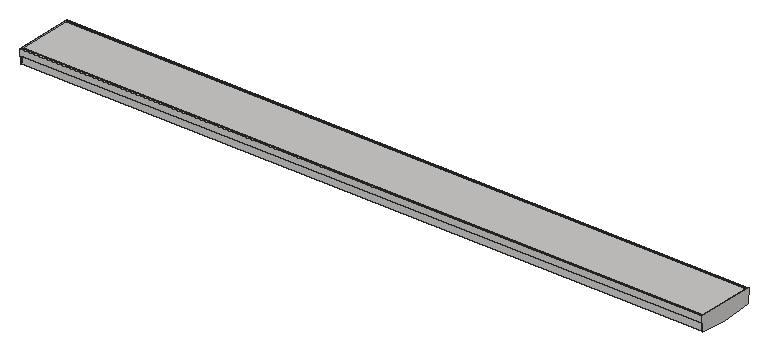
Revit family "PF_ST_BalconyDrain_ACO_2022", category Plumbing Fixtures, Revit 2022
Family settings
  Round Connector Dimension = Use Diameter
  Part Type = Normal
  OmniClass Number = 23.70.50.24
  OmniClass Title = Rainwater Removal
  Work Plane-Based = Yes
  Always vertical = No
  Cut with Voids When Loaded = Yes
  Maintain Annotation Orientation = No
  Shared = No
  Room Calculation Point = No
Parameters (values of type "BalconyDrain - 85 x 25 mm")
  width_01_C_ANZRS = if(type_index = 1, 85 mm, 103 mm)  # 85 mm
  r1 [instance] = diameter_calculated / 2  # 25.4 mm
  outlet_number [instance] = 2
  min_end_dist [instance] = length_01_C_ANZRS - diameter_calculated  # 949.2 mm
  width_C_ANZRS = if(type_index = 1, 85 mm, 103 mm)  # 85 mm
  type_index = 1
  grating_length [instance] = channel_length - 1.5 mm  # 998.5 mm
  drain_position_calculated_9 [instance] = if(or(outlet_number = 9, outlet_number > 9), (if(or(drain_position_9 < 0 mm, drain_position_9 = 0 mm), (drain_position_calculated_8 + (1.5 * diameter_calculated)), if(and(drain_position_9 > 0 mm, drain_position_9 < (drain_position_calculated_8 + (1.5 * diameter_calculated)) + 0.1 mm), (drain_position_calculated_8 + (1.5 * diameter_calculated)), if(and(drain_position_9 > (drain_position_calculated_8 + (1.5 * diameter_calculated)), drain_position_9 < min_end_dist + 0.1 mm), drain_position_9, if(and(drain_position_9 > (drain_position_calculated_8 + (1.5 * diameter_calculated)), drain_position_9 < length_01_C_ANZRS), min_end_dist, (if(or(drain_position_9 > length_01_C_ANZRS, drain_position_9 = length_01_C_ANZRS), min_end_dist, drain_position_9 - diameter_calculated))))))), length_01_C_ANZRS + 100 mm)  # 1100 mm
  drain_position_calculated_8 [instance] = if(or(outlet_number = 8, outlet_number > 8), (if(or(drain_position_8 < 0 mm, drain_position_8 = 0 mm), (drain_position_calculated_7 + (1.5 * diameter_calculated)), if(and(drain_position_8 > 0 mm, drain_position_8 < (drain_position_calculated_7 + (1.5 * diameter_calculated)) + 0.1 mm), (drain_position_calculated_7 + (1.5 * diameter_calculated)), if(and(drain_position_8 > (drain_position_calculated_7 + (1.5 * diameter_calculated)), drain_position_8 < min_end_dist + 0.1 mm), drain_position_8, if(and(drain_position_8 > (drain_position_calculated_7 + (1.5 * diameter_calculated)), drain_position_8 < length_01_C_ANZRS), min_end_dist, (if(or(drain_position_8 > length_01_C_ANZRS, drain_position_8 = length_01_C_ANZRS), min_end_dist, drain_position_8 - diameter_calculated))))))), length_01_C_ANZRS + 100 mm)  # 1100 mm
  drain_position_calculated_7 [instance] = if(or(outlet_number = 7, outlet_number > 7), (if(or(drain_position_7 < 0 mm, drain_position_7 = 0 mm), (drain_position_calculated_6 + (1.5 * diameter_calculated)), if(and(drain_position_7 > 0 mm, drain_position_7 < (drain_position_calculated_6 + (1.5 * diameter_calculated)) + 0.1 mm), (drain_position_calculated_6 + (1.5 * diameter_calculated)), if(and(drain_position_7 > (drain_position_calculated_6 + (1.5 * diameter_calculated)), drain_position_7 < min_end_dist + 0.1 mm), drain_position_7, if(and(drain_position_7 > (drain_position_calculated_6 + (1.5 * diameter_calculated)), drain_position_7 < length_01_C_ANZRS), min_end_dist, (if(or(drain_position_7 > length_01_C_ANZRS, drain_position_7 = length_01_C_ANZRS), min_end_dist, drain_position_7 - diameter_calculated))))))), length_01_C_ANZRS + 100 mm)  # 1100 mm
  drain_position_calculated_6 [instance] = if(or(outlet_number = 6, outlet_number > 6), (if(or(drain_position_6 < 0 mm, drain_position_6 = 0 mm), (drain_position_calculated_5 + (1.5 * diameter_calculated)), if(and(drain_position_6 > 0 mm, drain_position_6 < (drain_position_calculated_5 + (1.5 * diameter_calculated)) + 0.1 mm), (drain_position_calculated_5 + (1.5 * diameter_calculated)), if(and(drain_position_6 > (drain_position_calculated_5 + (1.5 * diameter_calculated)), drain_position_6 < min_end_dist + 0.1 mm), drain_position_6, if(and(drain_position_6 > (drain_position_calculated_5 + (1.5 * diameter_calculated)), drain_position_6 < length_01_C_ANZRS), min_end_dist, (if(or(drain_position_6 > length_01_C_ANZRS, drain_position_6 = length_01_C_ANZRS), min_end_dist, drain_position_6 - diameter_calculated))))))), length_01_C_ANZRS + 100 mm)  # 1100 mm
  drain_position_calculated_5 [instance] = if(or(outlet_number = 5, outlet_number > 5), (if(or(drain_position_5 < 0 mm, drain_position_5 = 0 mm), (drain_position_calculated_4 + (1.5 * diameter_calculated)), if(and(drain_position_5 > 0 mm, drain_position_5 < (drain_position_calculated_4 + (1.5 * diameter_calculated)) + 0.1 mm), (drain_position_calculated_4 + (1.5 * diameter_calculated)), if(and(drain_position_5 > (drain_position_calculated_4 + (1.5 * diameter_calculated)), drain_position_5 < min_end_dist + 0.1 mm), drain_position_5, if(and(drain_position_5 > (drain_position_calculated_4 + (1.5 * diameter_calculated)), drain_position_5 < length_01_C_ANZRS), min_end_dist, (if(or(drain_position_5 > length_01_C_ANZRS, drain_position_5 = length_01_C_ANZRS), min_end_dist, drain_position_5 - diameter_calculated))))))), length_01_C_ANZRS + 100 mm)  # 1100 mm
  drain_position_calculated_4 [instance] = if(or(outlet_number = 4, outlet_number > 4), (if(or(drain_position_4 < 0 mm, drain_position_4 = 0 mm), (drain_position_calculated_3 + (1.5 * diameter_calculated)), if(and(drain_position_4 > 0 mm, drain_position_4 < (drain_position_calculated_3 + (1.5 * diameter_calculated)) + 0.1 mm), (drain_position_calculated_3 + (1.5 * diameter_calculated)), if(and(drain_position_4 > (drain_position_calculated_3 + (1.5 * diameter_calculated)), drain_position_4 < min_end_dist + 0.1 mm), drain_position_4, if(and(drain_position_4 > (drain_position_calculated_3 + (1.5 * diameter_calculated)), drain_position_4 < length_01_C_ANZRS), min_end_dist, (if(or(drain_position_4 > length_01_C_ANZRS, drain_position_4 = length_01_C_ANZRS), min_end_dist, drain_position_4 - diameter_calculated))))))), length_01_C_ANZRS + 100 mm)  # 1100 mm
  drain_position_calculated_30 [instance] = if(or(outlet_number = 30, outlet_number > 30), (if(or(drain_position_30 < 0 mm, drain_position_30 = 0 mm), (drain_position_calculated_29 + (1.5 * diameter_calculated)), if(and(drain_position_30 > 0 mm, drain_position_30 < (drain_position_calculated_29 + (1.5 * diameter_calculated)) + 0.1 mm), (drain_position_calculated_29 + (1.5 * diameter_calculated)), if(and(drain_position_30 > (drain_position_calculated_29 + (1.5 * diameter_calculated)), drain_position_30 < min_end_dist + 0.1 mm), drain_position_30, if(and(drain_position_30 > (drain_position_calculated_29 + (1.5 * diameter_calculated)), drain_position_30 < length_01_C_ANZRS), min_end_dist, (if(or(drain_position_30 > length_01_C_ANZRS, drain_position_30 = length_01_C_ANZRS), min_end_dist, drain_position_30 - diameter_calculated))))))), length_01_C_ANZRS + 100 mm)  # 1100 mm
  drain_position_calculated_3 [instance] = if(or(outlet_number = 3, outlet_number > 3), (if(or(drain_position_3 < 0 mm, drain_position_3 = 0 mm), (drain_position_calculated_2 + (1.5 * diameter_calculated)), if(and(drain_position_3 > 0 mm, drain_position_3 < (drain_position_calculated_2 + (1.5 * diameter_calculated)) + 0.1 mm), (drain_position_calculated_2 + (1.5 * diameter_calculated)), if(and(drain_position_3 > (drain_position_calculated_2 + (1.5 * diameter_calculated)), drain_position_3 < min_end_dist + 0.1 mm), drain_position_3, if(and(drain_position_3 > (drain_position_calculated_2 + (1.5 * diameter_calculated)), drain_position_3 < length_01_C_ANZRS), min_end_dist, (if(or(drain_position_3 > length_01_C_ANZRS, drain_position_3 = length_01_C_ANZRS), min_end_dist, drain_position_3 - diameter_calculated))))))), length_01_C_ANZRS + 100 mm)  # 1100 mm
  drain_position_calculated_29 [instance] = if(or(outlet_number = 29, outlet_number > 29), (if(or(drain_position_29 < 0 mm, drain_position_29 = 0 mm), (drain_position_calculated_28 + (1.5 * diameter_calculated)), if(and(drain_position_29 > 0 mm, drain_position_29 < (drain_position_calculated_28 + (1.5 * diameter_calculated)) + 0.1 mm), (drain_position_calculated_28 + (1.5 * diameter_calculated)), if(and(drain_position_29 > (drain_position_calculated_28 + (1.5 * diameter_calculated)), drain_position_29 < min_end_dist + 0.1 mm), drain_position_29, if(and(drain_position_29 > (drain_position_calculated_28 + (1.5 * diameter_calculated)), drain_position_29 < length_01_C_ANZRS), min_end_dist, (if(or(drain_position_29 > length_01_C_ANZRS, drain_position_29 = length_01_C_ANZRS), min_end_dist, drain_position_29 - diameter_calculated))))))), length_01_C_ANZRS + 100 mm)  # 1100 mm
  drain_position_calculated_28 [instance] = if(or(outlet_number = 28, outlet_number > 28), (if(or(drain_position_28 < 0 mm, drain_position_28 = 0 mm), (drain_position_calculated_27 + (1.5 * diameter_calculated)), if(and(drain_position_28 > 0 mm, drain_position_28 < (drain_position_calculated_27 + (1.5 * diameter_calculated)) + 0.1 mm), (drain_position_calculated_27 + (1.5 * diameter_calculated)), if(and(drain_position_28 > (drain_position_calculated_27 + (1.5 * diameter_calculated)), drain_position_28 < min_end_dist + 0.1 mm), drain_position_28, if(and(drain_position_28 > (drain_position_calculated_27 + (1.5 * diameter_calculated)), drain_position_28 < length_01_C_ANZRS), min_end_dist, (if(or(drain_position_28 > length_01_C_ANZRS, drain_position_28 = length_01_C_ANZRS), min_end_dist, drain_position_28 - diameter_calculated))))))), length_01_C_ANZRS + 100 mm)  # 1100 mm
  drain_position_calculated_27 [instance] = if(or(outlet_number = 27, outlet_number > 27), (if(or(drain_position_27 < 0 mm, drain_position_27 = 0 mm), (drain_position_calculated_26 + (1.5 * diameter_calculated)), if(and(drain_position_27 > 0 mm, drain_position_27 < (drain_position_calculated_26 + (1.5 * diameter_calculated)) + 0.1 mm), (drain_position_calculated_26 + (1.5 * diameter_calculated)), if(and(drain_position_27 > (drain_position_calculated_26 + (1.5 * diameter_calculated)), drain_position_27 < min_end_dist + 0.1 mm), drain_position_27, if(and(drain_position_27 > (drain_position_calculated_26 + (1.5 * diameter_calculated)), drain_position_27 < length_01_C_ANZRS), min_end_dist, (if(or(drain_position_27 > length_01_C_ANZRS, drain_position_27 = length_01_C_ANZRS), min_end_dist, drain_position_27 - diameter_calculated))))))), length_01_C_ANZRS + 100 mm)  # 1100 mm
  drain_position_calculated_26 [instance] = if(or(outlet_number = 26, outlet_number > 26), (if(or(drain_position_26 < 0 mm, drain_position_26 = 0 mm), (drain_position_calculated_25 + (1.5 * diameter_calculated)), if(and(drain_position_26 > 0 mm, drain_position_26 < (drain_position_calculated_25 + (1.5 * diameter_calculated)) + 0.1 mm), (drain_position_calculated_25 + (1.5 * diameter_calculated)), if(and(drain_position_26 > (drain_position_calculated_25 + (1.5 * diameter_calculated)), drain_position_26 < min_end_dist + 0.1 mm), drain_position_26, if(and(drain_position_26 > (drain_position_calculated_25 + (1.5 * diameter_calculated)), drain_position_26 < length_01_C_ANZRS), min_end_dist, (if(or(drain_position_26 > length_01_C_ANZRS, drain_position_26 = length_01_C_ANZRS), min_end_dist, drain_position_26 - diameter_calculated))))))), length_01_C_ANZRS + 100 mm)  # 1100 mm
  drain_position_calculated_25 [instance] = if(or(outlet_number = 25, outlet_number > 25), (if(or(drain_position_25 < 0 mm, drain_position_25 = 0 mm), (drain_position_calculated_24 + (1.5 * diameter_calculated)), if(and(drain_position_25 > 0 mm, drain_position_25 < (drain_position_calculated_24 + (1.5 * diameter_calculated)) + 0.1 mm), (drain_position_calculated_24 + (1.5 * diameter_calculated)), if(and(drain_position_25 > (drain_position_calculated_24 + (1.5 * diameter_calculated)), drain_position_25 < min_end_dist + 0.1 mm), drain_position_25, if(and(drain_position_25 > (drain_position_calculated_24 + (1.5 * diameter_calculated)), drain_position_25 < length_01_C_ANZRS), min_end_dist, (if(or(drain_position_25 > length_01_C_ANZRS, drain_position_25 = length_01_C_ANZRS), min_end_dist, drain_position_25 - diameter_calculated))))))), length_01_C_ANZRS + 100 mm)  # 1100 mm
  drain_position_calculated_24 [instance] = if(or(outlet_number = 24, outlet_number > 24), (if(or(drain_position_24 < 0 mm, drain_position_24 = 0 mm), (drain_position_calculated_23 + (1.5 * diameter_calculated)), if(and(drain_position_24 > 0 mm, drain_position_24 < (drain_position_calculated_23 + (1.5 * diameter_calculated)) + 0.1 mm), (drain_position_calculated_23 + (1.5 * diameter_calculated)), if(and(drain_position_24 > (drain_position_calculated_23 + (1.5 * diameter_calculated)), drain_position_24 < min_end_dist + 0.1 mm), drain_position_24, if(and(drain_position_24 > (drain_position_calculated_23 + (1.5 * diameter_calculated)), drain_position_24 < length_01_C_ANZRS), min_end_dist, (if(or(drain_position_24 > length_01_C_ANZRS, drain_position_24 = length_01_C_ANZRS), min_end_dist, drain_position_24 - diameter_calculated))))))), length_01_C_ANZRS + 100 mm)  # 1100 mm
  drain_position_calculated_23 [instance] = if(or(outlet_number = 23, outlet_number > 23), (if(or(drain_position_23 < 0 mm, drain_position_23 = 0 mm), (drain_position_calculated_22 + (1.5 * diameter_calculated)), if(and(drain_position_23 > 0 mm, drain_position_23 < (drain_position_calculated_22 + (1.5 * diameter_calculated)) + 0.1 mm), (drain_position_calculated_22 + (1.5 * diameter_calculated)), if(and(drain_position_23 > (drain_position_calculated_22 + (1.5 * diameter_calculated)), drain_position_23 < min_end_dist + 0.1 mm), drain_position_23, if(and(drain_position_23 > (drain_position_calculated_22 + (1.5 * diameter_calculated)), drain_position_23 < length_01_C_ANZRS), min_end_dist, (if(or(drain_position_23 > length_01_C_ANZRS, drain_position_23 = length_01_C_ANZRS), min_end_dist, drain_position_23 - diameter_calculated))))))), length_01_C_ANZRS + 100 mm)  # 1100 mm
  drain_position_calculated_22 [instance] = if(or(outlet_number = 22, outlet_number > 22), (if(or(drain_position_22 < 0 mm, drain_position_22 = 0 mm), (drain_position_calculated_21 + (1.5 * diameter_calculated)), if(and(drain_position_22 > 0 mm, drain_position_22 < (drain_position_calculated_21 + (1.5 * diameter_calculated)) + 0.1 mm), (drain_position_calculated_21 + (1.5 * diameter_calculated)), if(and(drain_position_22 > (drain_position_calculated_21 + (1.5 * diameter_calculated)), drain_position_22 < min_end_dist + 0.1 mm), drain_position_22, if(and(drain_position_22 > (drain_position_calculated_21 + (1.5 * diameter_calculated)), drain_position_22 < length_01_C_ANZRS), min_end_dist, (if(or(drain_position_22 > length_01_C_ANZRS, drain_position_22 = length_01_C_ANZRS), min_end_dist, drain_position_22 - diameter_calculated))))))), length_01_C_ANZRS + 100 mm)  # 1100 mm
  drain_position_calculated_21 [instance] = if(or(outlet_number = 21, outlet_number > 21), (if(or(drain_position_21 < 0 mm, drain_position_21 = 0 mm), (drain_position_calculated_20 + (1.5 * diameter_calculated)), if(and(drain_position_21 > 0 mm, drain_position_21 < (drain_position_calculated_20 + (1.5 * diameter_calculated)) + 0.1 mm), (drain_position_calculated_20 + (1.5 * diameter_calculated)), if(and(drain_position_21 > (drain_position_calculated_20 + (1.5 * diameter_calculated)), drain_position_21 < min_end_dist + 0.1 mm), drain_position_21, if(and(drain_position_21 > (drain_position_calculated_20 + (1.5 * diameter_calculated)), drain_position_21 < length_01_C_ANZRS), min_end_dist, (if(or(drain_position_21 > length_01_C_ANZRS, drain_position_21 = length_01_C_ANZRS), min_end_dist, drain_position_21 - diameter_calculated))))))), length_01_C_ANZRS + 100 mm)  # 1100 mm
  drain_position_calculated_20 [instance] = if(or(outlet_number = 20, outlet_number > 20), (if(or(drain_position_20 < 0 mm, drain_position_20 = 0 mm), (drain_position_calculated_19 + (1.5 * diameter_calculated)), if(and(drain_position_20 > 0 mm, drain_position_20 < (drain_position_calculated_19 + (1.5 * diameter_calculated)) + 0.1 mm), (drain_position_calculated_19 + (1.5 * diameter_calculated)), if(and(drain_position_20 > (drain_position_calculated_19 + (1.5 * diameter_calculated)), drain_position_20 < min_end_dist + 0.1 mm), drain_position_20, if(and(drain_position_20 > (drain_position_calculated_19 + (1.5 * diameter_calculated)), drain_position_20 < length_01_C_ANZRS), min_end_dist, (if(or(drain_position_20 > length_01_C_ANZRS, drain_position_20 = length_01_C_ANZRS), min_end_dist, drain_position_20 - diameter_calculated))))))), length_01_C_ANZRS + 100 mm)  # 1100 mm
  drain_position_calculated_2 [instance] = if(or(outlet_number = 2, outlet_number > 2), (if(or(drain_position_2 < 0 mm, drain_position_2 = 0 mm), (drain_position_calculated_1 + (1.5 * diameter_calculated)), if(and(drain_position_2 > 0 mm, drain_position_2 < (drain_position_calculated_1 + (1.5 * diameter_calculated)) + 0.1 mm), (drain_position_calculated_1 + (1.5 * diameter_calculated)), if(and(drain_position_2 > (drain_position_calculated_1 + (1.5 * diameter_calculated)), drain_position_2 < min_end_dist + 0.1 mm), drain_position_2, if(and(drain_position_2 > (drain_position_calculated_1 + (1.5 * diameter_calculated)), drain_position_2 < length_01_C_ANZRS), min_end_dist, (if(or(drain_position_2 > length_01_C_ANZRS, drain_position_2 = length_01_C_ANZRS), min_end_dist, drain_position_2 - diameter_calculated))))))), length_01_C_ANZRS + 100 mm)  # 200 mm
  drain_position_calculated_19 [instance] = if(or(outlet_number = 19, outlet_number > 19), (if(or(drain_position_19 < 0 mm, drain_position_19 = 0 mm), (drain_position_calculated_18 + (1.5 * diameter_calculated)), if(and(drain_position_19 > 0 mm, drain_position_19 < (drain_position_calculated_18 + (1.5 * diameter_calculated)) + 0.1 mm), (drain_position_calculated_18 + (1.5 * diameter_calculated)), if(and(drain_position_19 > (drain_position_calculated_18 + (1.5 * diameter_calculated)), drain_position_19 < min_end_dist + 0.1 mm), drain_position_19, if(and(drain_position_19 > (drain_position_calculated_18 + (1.5 * diameter_calculated)), drain_position_19 < length_01_C_ANZRS), min_end_dist, (if(or(drain_position_19 > length_01_C_ANZRS, drain_position_19 = length_01_C_ANZRS), min_end_dist, drain_position_19 - diameter_calculated))))))), length_01_C_ANZRS + 100 mm)  # 1100 mm
  drain_position_calculated_18 [instance] = if(or(outlet_number = 18, outlet_number > 18), (if(or(drain_position_18 < 0 mm, drain_position_18 = 0 mm), (drain_position_calculated_17 + (1.5 * diameter_calculated)), if(and(drain_position_18 > 0 mm, drain_position_18 < (drain_position_calculated_17 + (1.5 * diameter_calculated)) + 0.1 mm), (drain_position_calculated_17 + (1.5 * diameter_calculated)), if(and(drain_position_18 > (drain_position_calculated_17 + (1.5 * diameter_calculated)), drain_position_18 < min_end_dist + 0.1 mm), drain_position_18, if(and(drain_position_18 > (drain_position_calculated_17 + (1.5 * diameter_calculated)), drain_position_18 < length_01_C_ANZRS), min_end_dist, (if(or(drain_position_18 > length_01_C_ANZRS, drain_position_18 = length_01_C_ANZRS), min_end_dist, drain_position_18 - diameter_calculated))))))), length_01_C_ANZRS + 100 mm)  # 1100 mm
  drain_position_calculated_17 [instance] = if(or(outlet_number = 17, outlet_number > 17), (if(or(drain_position_17 < 0 mm, drain_position_17 = 0 mm), (drain_position_calculated_16 + (1.5 * diameter_calculated)), if(and(drain_position_17 > 0 mm, drain_position_17 < (drain_position_calculated_16 + (1.5 * diameter_calculated)) + 0.1 mm), (drain_position_calculated_16 + (1.5 * diameter_calculated)), if(and(drain_position_17 > (drain_position_calculated_16 + (1.5 * diameter_calculated)), drain_position_17 < min_end_dist + 0.1 mm), drain_position_17, if(and(drain_position_17 > (drain_position_calculated_16 + (1.5 * diameter_calculated)), drain_position_17 < length_01_C_ANZRS), min_end_dist, (if(or(drain_position_17 > length_01_C_ANZRS, drain_position_17 = length_01_C_ANZRS), min_end_dist, drain_position_17 - diameter_calculated))))))), length_01_C_ANZRS + 100 mm)  # 1100 mm
  drain_position_calculated_16 [instance] = if(or(outlet_number = 16, outlet_number > 16), (if(or(drain_position_16 < 0 mm, drain_position_16 = 0 mm), (drain_position_calculated_15 + (1.5 * diameter_calculated)), if(and(drain_position_16 > 0 mm, drain_position_16 < (drain_position_calculated_15 + (1.5 * diameter_calculated)) + 0.1 mm), (drain_position_calculated_15 + (1.5 * diameter_calculated)), if(and(drain_position_16 > (drain_position_calculated_15 + (1.5 * diameter_calculated)), drain_position_16 < min_end_dist + 0.1 mm), drain_position_16, if(and(drain_position_16 > (drain_position_calculated_15 + (1.5 * diameter_calculated)), drain_position_16 < length_01_C_ANZRS), min_end_dist, (if(or(drain_position_16 > length_01_C_ANZRS, drain_position_16 = length_01_C_ANZRS), min_end_dist, drain_position_16 - diameter_calculated))))))), length_01_C_ANZRS + 100 mm)  # 1100 mm
  drain_position_calculated_15 [instance] = if(or(outlet_number = 15, outlet_number > 15), (if(or(drain_position_15 < 0 mm, drain_position_15 = 0 mm), (drain_position_calculated_14 + (1.5 * diameter_calculated)), if(and(drain_position_15 > 0 mm, drain_position_15 < (drain_position_calculated_14 + (1.5 * diameter_calculated)) + 0.1 mm), (drain_position_calculated_14 + (1.5 * diameter_calculated)), if(and(drain_position_15 > (drain_position_calculated_14 + (1.5 * diameter_calculated)), drain_position_15 < min_end_dist + 0.1 mm), drain_position_15, if(and(drain_position_15 > (drain_position_calculated_14 + (1.5 * diameter_calculated)), drain_position_15 < length_01_C_ANZRS), min_end_dist, (if(or(drain_position_15 > length_01_C_ANZRS, drain_position_15 = length_01_C_ANZRS), min_end_dist, drain_position_15 - diameter_calculated))))))), length_01_C_ANZRS + 100 mm)  # 1100 mm
  drain_position_calculated_14 [instance] = if(or(outlet_number = 14, outlet_number > 14), (if(or(drain_position_14 < 0 mm, drain_position_14 = 0 mm), (drain_position_calculated_13 + (1.5 * diameter_calculated)), if(and(drain_position_14 > 0 mm, drain_position_14 < (drain_position_calculated_13 + (1.5 * diameter_calculated)) + 0.1 mm), (drain_position_calculated_13 + (1.5 * diameter_calculated)), if(and(drain_position_14 > (drain_position_calculated_13 + (1.5 * diameter_calculated)), drain_position_14 < min_end_dist + 0.1 mm), drain_position_14, if(and(drain_position_14 > (drain_position_calculated_13 + (1.5 * diameter_calculated)), drain_position_14 < length_01_C_ANZRS), min_end_dist, (if(or(drain_position_14 > length_01_C_ANZRS, drain_position_14 = length_01_C_ANZRS), min_end_dist, drain_position_14 - diameter_calculated))))))), length_01_C_ANZRS + 100 mm)  # 1100 mm
  drain_position_calculated_13 [instance] = if(or(outlet_number = 13, outlet_number > 13), (if(or(drain_position_13 < 0 mm, drain_position_13 = 0 mm), (drain_position_calculated_12 + (1.5 * diameter_calculated)), if(and(drain_position_13 > 0 mm, drain_position_13 < (drain_position_calculated_12 + (1.5 * diameter_calculated)) + 0.1 mm), (drain_position_calculated_12 + (1.5 * diameter_calculated)), if(and(drain_position_13 > (drain_position_calculated_12 + (1.5 * diameter_calculated)), drain_position_13 < min_end_dist + 0.1 mm), drain_position_13, if(and(drain_position_13 > (drain_position_calculated_12 + (1.5 * diameter_calculated)), drain_position_13 < length_01_C_ANZRS), min_end_dist, (if(or(drain_position_13 > length_01_C_ANZRS, drain_position_13 = length_01_C_ANZRS), min_end_dist, drain_position_13 - diameter_calculated))))))), length_01_C_ANZRS + 100 mm)  # 1100 mm
  drain_position_calculated_12 [instance] = if(or(outlet_number = 12, outlet_number > 12), (if(or(drain_position_12 < 0 mm, drain_position_12 = 0 mm), (drain_position_calculated_11 + (1.5 * diameter_calculated)), if(and(drain_position_12 > 0 mm, drain_position_12 < (drain_position_calculated_11 + (1.5 * diameter_calculated)) + 0.1 mm), (drain_position_calculated_11 + (1.5 * diameter_calculated)), if(and(drain_position_12 > (drain_position_calculated_11 + (1.5 * diameter_calculated)), drain_position_12 < min_end_dist + 0.1 mm), drain_position_12, if(and(drain_position_12 > (drain_position_calculated_11 + (1.5 * diameter_calculated)), drain_position_12 < length_01_C_ANZRS), min_end_dist, (if(or(drain_position_12 > length_01_C_ANZRS, drain_position_12 = length_01_C_ANZRS), min_end_dist, drain_position_12 - diameter_calculated))))))), length_01_C_ANZRS + 100 mm)  # 1100 mm
  drain_position_calculated_11 [instance] = if(or(outlet_number = 11, outlet_number > 11), (if(or(drain_position_11 < 0 mm, drain_position_11 = 0 mm), (drain_position_calculated_10 + (1.5 * diameter_calculated)), if(and(drain_position_11 > 0 mm, drain_position_11 < (drain_position_calculated_10 + (1.5 * diameter_calculated)) + 0.1 mm), (drain_position_calculated_10 + (1.5 * diameter_calculated)), if(and(drain_position_11 > (drain_position_calculated_10 + (1.5 * diameter_calculated)), drain_position_11 < min_end_dist + 0.1 mm), drain_position_11, if(and(drain_position_11 > (drain_position_calculated_10 + (1.5 * diameter_calculated)), drain_position_11 < length_01_C_ANZRS), min_end_dist, (if(or(drain_position_11 > length_01_C_ANZRS, drain_position_11 = length_01_C_ANZRS), min_end_dist, drain_position_11 - diameter_calculated))))))), length_01_C_ANZRS + 100 mm)  # 1100 mm
  drain_position_calculated_10 [instance] = if(or(outlet_number = 10, outlet_number > 10), (if(or(drain_position_10 < 0 mm, drain_position_10 = 0 mm), (drain_position_calculated_9 + (1.5 * diameter_calculated)), if(and(drain_position_10 > 0 mm, drain_position_10 < (drain_position_calculated_9 + (1.5 * diameter_calculated)) + 0.1 mm), (drain_position_calculated_9 + (1.5 * diameter_calculated)), if(and(drain_position_10 > (drain_position_calculated_9 + (1.5 * diameter_calculated)), drain_position_10 < min_end_dist + 0.1 mm), drain_position_10, if(and(drain_position_10 > (drain_position_calculated_9 + (1.5 * diameter_calculated)), drain_position_10 < length_01_C_ANZRS), min_end_dist, (if(or(drain_position_10 > length_01_C_ANZRS, drain_position_10 = length_01_C_ANZRS), min_end_dist, drain_position_10 - diameter_calculated))))))), length_01_C_ANZRS + 100 mm)  # 1100 mm
  drain_position_9 [instance] = 1600 mm
  drain_position_8 [instance] = 1400 mm
  drain_position_7 [instance] = 1200 mm
  drain_position_6 [instance] = 1000 mm
  drain_position_5 [instance] = 800 mm
  drain_position_4 [instance] = 600 mm
  drain_position_30 [instance] = 5800 mm
  drain_position_3 [instance] = 400 mm
  drain_position_29 [instance] = 5600 mm
  drain_position_28 [instance] = 5400 mm
  drain_position_27 [instance] = 5200 mm
  drain_position_26 [instance] = 5000 mm
  drain_position_25 [instance] = 4800 mm
  drain_position_24 [instance] = 4600 mm
  drain_position_23 [instance] = 4400 mm
  drain_position_22 [instance] = 4200 mm
  drain_position_21 [instance] = 4000 mm
  drain_position_20 [instance] = 3800 mm
  drain_position_2 [instance] = 200 mm
  drain_position_19 [instance] = 3600 mm
  drain_position_18 [instance] = 3400 mm
  drain_position_17 [instance] = 3200 mm
  drain_position_16 [instance] = 3000 mm
  drain_position_15 [instance] = 2800 mm
  drain_position_14 [instance] = 2600 mm
  drain_position_13 [instance] = 2400 mm
  drain_position_12 [instance] = 2200 mm
  drain_position_11 [instance] = 2000 mm
  drain_position_10 [instance] = 1800 mm
  description_C_ANZRS [instance] = if(product_index = 1, "ACO BalconyDrain-85mm wide, 25mm deep channel with Affiner grate (nominal)", if(product_index = 2, "ACO BalconyDrain-85mm wide, 25mm deep channel with Linéaire grate (nominal)", if(product_index = 3, "ACO BalconyDrain-85mm wide, 25mm deep channel with Tile grate (nominal)", if(product_index = 4, "ACO BalconyDrain-103mm wide, 25mm deep channel with Affiner grate (nominal)", if(product_index = 5, "ACO BalconyDrain-103mm wide, 25mm deep channel with Linéaire grate (nominal)", if(product_index = 6, "ACO BalconyDrain-103mm wide, 25mm deep channel with Tile grate (nominal)", if(product_index = 7, "ACO BalconyDrain-103mm wide, 40mm deep channel with Affiner grate (nominal)", if(product_index = 8, "ACO BalconyDrain-103mm wide, 40mm deep channel with Linéaire grate (nominal)", if(product_index = 9, "ACO BalconyDrain-103mm wide, 40mm deep channel with Tile grate (nominal)", if(product_index = 10, "ACO BalconyDrain-103mm wide, 40mm deep channel with 5 star grate (nominal)", "Not available"))))))))))  # "ACO BalconyDrain-85mm wide, 25mm deep channel with Linéaire grate (nominal)"
  d6 [instance] = 101.6 mm  # constant formula
  d5 [instance] = 88.9 mm  # constant formula
  d4 [instance] = 76.2 mm  # constant formula
  d3 [instance] = 63.5 mm  # constant formula
  content_date_changed_C_ANZRS = ""
  content_creator_C_ANZRS = "ACO Technology Centre, INDIA"  # constant formula
  WARNING! [instance] = "Position of the maximum number of outlet should not exceed the length of the channel"  # constant formula
  NOTE [instance] = "Position of the additional outlet is always towards the right side of the previous outlet"  # constant formula
  Product_page_URL = "www.acobuildline.com.au/products/balconydrain/"
  product_index [instance] = size_lookup(lookup_table_name, "pi", 0, type_index, grating_index)  # 2
  product_assortment_C_ANZRS [instance] = "BalconyDrain"  # constant formula
  outlet_dia [instance] = 50 mm
  material_C_ANZRS [instance] = Steel, Stainless
  lookup_table_name = "BalconyDrain"  # constant formula
  length_01_C_ANZRS [instance] = channel_length  # 1000 mm
  gratings [instance] = gratings_BalconyDrain : Linéaire_grating
  grate_width_tile = if(type_index = 1, 69 mm, 87 mm)  # 69 mm
  grate_width = width_C_ANZRS - 6 mm  # 79 mm
  gm_type4 [instance] = gratings_BalconyDrain : 5 Star_grating
  gm_type3 [instance] = gratings_BalconyDrain : Tile_grating
  gm_type2 [instance] = gratings_BalconyDrain : Linéaire_grating
  grating_index [instance] = if(gratings = gm_type1, 1, if(gratings = gm_type2, 2, if(gratings = gm_type3, 3, if(gratings = gm_type4, 4, 0))))  # 2
  gm_type1 = gratings_BalconyDrain : Affiner_grating
  e-mail sales = "sales@acoaus.com.au"
  e-mail Technical = "sales@acoaus.com.au"
  drain_position_calculated_1 [instance] = (if(or(drain_position_1 < 0 mm, drain_position_1 = 0 mm), diameter_calculated, if(and(drain_position_1 > 0 mm, drain_position_1 < diameter_calculated + 0.1 mm), diameter_calculated, if(and(drain_position_1 > diameter_calculated, drain_position_1 < min_end_dist + 0.1 mm), drain_position_1, if(and(drain_position_1 > diameter_calculated, drain_position_1 < length_01_C_ANZRS), min_end_dist, (if(or(drain_position_1 > length_01_C_ANZRS, drain_position_1 = length_01_C_ANZRS), min_end_dist, drain_position_1 - diameter_calculated)))))))  # 50.8 mm
  d1 [instance] = 38.1 mm  # constant formula
  d2 [instance] = 50.8 mm  # constant formula
  diameter_calculated [instance] = if(type_index = 1, D1_calculated, D2_calculated)  # 50.8 mm
  drain_position_1 [instance] = 0 mm
  connector_position_Z = if(type_index = 3, 40 mm, 25 mm)  # 25 mm
  code_article_C_ANZRS [instance] = size_lookup(lookup_table_name, "", "Not available", type_index, grating_index)  # "S85-25-L"
  channel_length [instance] = 1000 mm
  URL = "www.acobuildline.com.au"
  Telephone = " +61 2 4747 4000"  # constant formula
  Product_brochure = "www.acobuildline.com.au/product-support/downloads"
  Model = "BalconyDrain"  # constant formula
  Manufacturer = "ACO Pty Ltd"  # constant formula
  Maintenance guidelines = "www.acobuildline.com.au/product-support/downloads"
  Installation guidelines = "www.acobuildline.com.au/product-support/downloads"
  IfcExportType = "USERDEFINED"  # constant formula
  IfcExportAs = "IfcWasteTerminalType"  # constant formula
  IfcDescription = Description  # "Shallow drainage"
  Fax = " +61 2 4747 4040"  # constant formula
  Description = "Shallow drainage"  # constant formula
  visible_2 = type_index = 3  # no
  visible_1 = not(type_index = 3)  # yes
  Default Elevation = 1219.2 mm
  D2_calculated [instance] = if(or(outlet_dia < d1, outlet_dia = d1), d1, if(and(outlet_dia > d1, outlet_dia < 50.9 mm), d2, if(and(outlet_dia > d2, outlet_dia < 63.6 mm), d3, if(and(outlet_dia > d3, outlet_dia < 76.3 mm), d4, if(and(outlet_dia > d4, outlet_dia < 89 mm), d5, if(or(outlet_dia = d5, outlet_dia > d5), d5, d5))))))  # 50.8 mm
  D1_calculated [instance] = if(or(outlet_dia < d1, outlet_dia = d1), d1, if(and(outlet_dia > d1, outlet_dia < 50.9 mm), d2, if(and(outlet_dia > d2, outlet_dia < 63.6 mm), d3, if(and(outlet_dia > d3, outlet_dia < 76.3 mm), d4, if(or(outlet_dia = d4, outlet_dia > d4), d4, d4)))))  # 50.8 mm
  Assembly Code = ""
  Address = "134-140 Old Bathurst Road, Emu Plains, NSW 2750, Australia"  # constant formula
Reference planes
  plane 1 "Center (Front/Back)": y = 0
  plane 2: z = 0.046
  plane 3 "Center (Left/Right)": x = 0
  plane 4: x = 1000
  plane 5: x = 1000
  plane 6: z = -24.954
  plane 7: y = -42.5
  plane 8: y = 42.5
Forms (mm)
  Extrusion 1, void
    sketch origin (0, 0, -142.254) x (-1, 0, 0) y (0, -1, 0)
      loop
        line (0, -42.5) -> (0, 42.5) -> (-1000, 42.5) -> (-1000, -42.5) -> (0, -42.5)
    from 117.3 to 142.3
Lines and regions (mm)
  reference lines
    curve 1: line (50.8, 0, 0.046) -> (50.8, 0, -24.954)
    curve 2: line (200, 0, 0.046) -> (200, 0, -24.954)
    curve 3: line (1100, 0, 0.046) -> (1100, 0, -24.954)
    curve 4: line (1100, 0, 0.046) -> (1100, 0, -24.954)
    curve 5: line (1100, 0, 0.046) -> (1100, 0, -24.954)
    curve 6: line (1100, 0, 0.046) -> (1100, 0, -24.954)
    curve 7: line (1100, 0, 0.046) -> (1100, 0, -24.954)
    curve 8: line (1100, 0, 0.046) -> (1100, 0, -24.954)
    curve 9: line (1100, 0, 0.046) -> (1100, 0, -24.954)
    curve 10: line (1100, 0, 0.046) -> (1100, 0, -24.954)
    curve 11: line (1100, 0, 0.046) -> (1100, 0, -24.954)
    curve 12: line (1100, 0, 0.046) -> (1100, 0, -24.954)
    curve 13: line (1100, 0, 0.046) -> (1100, 0, -24.954)
    curve 14: line (1100, 0, 0.046) -> (1100, 0, -24.954)
    curve 15: line (1100, 0, 0.046) -> (1100, 0, -24.954)
    curve 16: line (1100, 0, 0.046) -> (1100, 0, -24.954)
    curve 17: line (1100, 0, 0.046) -> (1100, 0, -24.954)
    curve 18: line (1100, 0, 0.046) -> (1100, 0, -24.954)
    curve 19: line (1100, 0, 0.046) -> (1100, 0, -24.954)
    curve 20: line (1100, 0, 0.046) -> (1100, 0, -24.954)
    curve 21: line (1100, 0, 0.046) -> (1100, 0, -24.954)
    curve 22: line (1100, 0, 0.046) -> (1100, 0, -24.954)
    curve 23: line (1100, 0, 0.046) -> (1100, 0, -24.954)
    curve 24: line (1100, 0, 0.046) -> (1100, 0, -24.954)
    curve 25: line (1100, 0, 0.046) -> (1100, 0, -24.954)
    curve 26: line (1100, 0, 0.046) -> (1100, 0, -24.954)
    curve 27: line (1100, 0, 0.046) -> (1100, 0, -24.954)
    curve 28: line (1100, 0, 0.046) -> (1100, 0, -24.954)
    curve 29: line (1100, 0, 0.046) -> (1100, 0, -24.954)
    curve 30: line (1100, 0, 0.046) -> (1100, 0, -24.954)
Dimensions and locks
  "drain_position_calculated_1": curve 1 to plane 3 "Center (Left/Right)"
  "length_01_C_ANZRS": plane 3 "Center (Left/Right)" to plane 4
  "channel_length": plane 3 "Center (Left/Right)" to plane 5
  "connector_position_Z": level to curve 1
  "connector_position_Z": curve 2 to curve 2
  "connector_position_Z": curve 8 to curve 8
  "connector_position_Z": curve 9 to curve 9
  "connector_position_Z": curve 10 to curve 10
  "connector_position_Z": curve 3 to curve 3
  "connector_position_Z": curve 4 to curve 4
  "connector_position_Z": curve 5 to curve 5
  "connector_position_Z": curve 6 to curve 6
  "connector_position_Z": curve 7 to curve 7
  "drain_position_calculated_2": curve 2 to plane 3 "Center (Left/Right)"
  "drain_position_calculated_3": curve 8 to plane 3 "Center (Left/Right)"
  "drain_position_calculated_4": curve 9 to plane 3 "Center (Left/Right)"
  "drain_position_calculated_5": curve 10 to plane 3 "Center (Left/Right)"
  "drain_position_calculated_6": curve 7 to plane 3 "Center (Left/Right)"
  "drain_position_calculated_7": curve 3 to plane 3 "Center (Left/Right)"
  "drain_position_calculated_8": curve 4 to plane 3 "Center (Left/Right)"
  "drain_position_calculated_9": curve 5 to plane 3 "Center (Left/Right)"
  "drain_position_calculated_10": curve 6 to plane 3 "Center (Left/Right)"
  "connector_position_Z": curve 11 to curve 11
  "connector_position_Z": curve 12 to curve 12
  "connector_position_Z": curve 13 to curve 13
  "connector_position_Z": curve 14 to curve 14
  "connector_position_Z": curve 15 to curve 15
  "connector_position_Z": curve 16 to curve 16
  "connector_position_Z": curve 17 to curve 17
  "connector_position_Z": curve 18 to curve 18
  "connector_position_Z": curve 19 to curve 19
  "connector_position_Z": curve 20 to curve 20
  "drain_position_calculated_11": curve 11 to plane 3 "Center (Left/Right)"
  "drain_position_calculated_12": curve 12 to plane 3 "Center (Left/Right)"
  "drain_position_calculated_13": curve 13 to plane 3 "Center (Left/Right)"
  "drain_position_calculated_14": curve 14 to plane 3 "Center (Left/Right)"
  "drain_position_calculated_15": curve 15 to plane 3 "Center (Left/Right)"
  "drain_position_calculated_16": curve 16 to plane 3 "Center (Left/Right)"
  "drain_position_calculated_17": curve 17 to plane 3 "Center (Left/Right)"
  "drain_position_calculated_18": curve 18 to plane 3 "Center (Left/Right)"
  "drain_position_calculated_19": curve 19 to plane 3 "Center (Left/Right)"
  "drain_position_calculated_20": curve 20 to plane 3 "Center (Left/Right)"
  "connector_position_Z": curve 21 to curve 21
  "connector_position_Z": curve 22 to curve 22
  "connector_position_Z": curve 23 to curve 23
  "connector_position_Z": curve 24 to curve 24
  "connector_position_Z": curve 25 to curve 25
  "connector_position_Z": curve 26 to curve 26
  "connector_position_Z": curve 27 to curve 27
  "connector_position_Z": curve 28 to curve 28
  "connector_position_Z": curve 29 to curve 29
  "connector_position_Z": curve 30 to curve 30
  "drain_position_calculated_21": curve 21 to plane 3 "Center (Left/Right)"
  "drain_position_calculated_22": curve 22 to plane 3 "Center (Left/Right)"
  "drain_position_calculated_23": curve 23 to plane 3 "Center (Left/Right)"
  "drain_position_calculated_26": curve 24 to plane 3 "Center (Left/Right)"
  "drain_position_calculated_24": curve 25 to plane 3 "Center (Left/Right)"
  "drain_position_calculated_25": curve 26 to plane 3 "Center (Left/Right)"
  "drain_position_calculated_27": curve 27 to plane 3 "Center (Left/Right)"
  "drain_position_calculated_28": curve 28 to plane 3 "Center (Left/Right)"
  "drain_position_calculated_29": curve 29 to plane 3 "Center (Left/Right)"
  "drain_position_calculated_30": curve 30 to plane 3 "Center (Left/Right)"
  "connector_position_Z": level to plane 6
  equal spacing: plane 8, plane 1 "Center (Front/Back)", plane 7
  "width_01_C_ANZRS": plane 8 to plane 7
  aligned and locked: level to plane 2
  aligned and locked: plane 2 to curve 1
  aligned and locked: level to nested 3
  aligned and locked: level to nested 2
  aligned and locked: plane 3 "Center (Left/Right)" to Extrusion 1 sketch curve
  aligned and locked: Extrusion 1 sketch curve to plane 4
  aligned and locked: level to Extrusion 1
  aligned and locked: Extrusion 1 to curve 1
  aligned and locked: plane 8 to Extrusion 1
  aligned and locked: Extrusion 1 to plane 7
Automatic sketch dimensions
  Extrusion 1 sketch curve to plane 1 "Center (Front/Back)" = 42.5 mm
  plane 1 "Center (Front/Back)" to Extrusion 1 sketch curve = 42.5 mm
  curve 30 to plane 6 = 0 mm
  curve 28 to plane 6 = 0 mm
  curve 2 to plane 6 = 0 mm
  curve 27 to plane 6 = 0 mm
  curve 3 to plane 6 = 0 mm
  curve 26 to plane 6 = 0 mm
  curve 4 to plane 6 = 0 mm
  curve 25 to plane 6 = 0 mm
  curve 5 to plane 6 = 0 mm
  curve 24 to plane 6 = 0 mm
  curve 6 to plane 6 = 0 mm
  curve 23 to plane 6 = 0 mm
  curve 7 to plane 6 = 0 mm
  curve 22 to plane 6 = 0 mm
  curve 8 to plane 6 = 0 mm
  curve 21 to plane 6 = 0 mm
  curve 9 to plane 6 = 0 mm
  curve 20 to plane 6 = 0 mm
  curve 10 to plane 6 = 0 mm
  curve 19 to plane 6 = 0 mm
  curve 11 to plane 6 = 0 mm
  curve 18 to plane 6 = 0 mm
  curve 12 to plane 6 = 0 mm
  curve 17 to plane 6 = 0 mm
  curve 13 to plane 6 = 0 mm
  curve 16 to plane 6 = 0 mm
  curve 14 to plane 6 = 0 mm
  curve 15 to plane 6 = 0 mm
  curve 29 to plane 6 = 0 mm
Nested families
  nested 1: "gratings_BalconyDrain" at (0.781, 0, 0.046), length_C_ANZRS <- "grating_length", type <- "gratings", width_02_C_ANZRS <- "grate_width_tile", width_01_C_ANZRS <- "grate_width", grating_index <- "grating_index", type_index <- "type_index", solids_visible_1 <- "visible_1", solids_visible_2 <- "visible_2", type "Linéaire_grating"
    with width_02_C_ANZRS 69 mm, width_01_C_ANZRS 79 mm, type_index 1, solids_visible_2 no, solids_visible_1 yes, length_C_ANZRS 998.5 mm, grating_index 2
  nested 2: "ZZZ_do not use_PF_ST_BalconyDrain 40mm_ACO" at (0, 0, 0.046), length_C_ANZRS <- "channel_length", visible <- "visible_2", Solid_Visible <- "visible_2", diameter_C_ANZRS <- "diameter_calculated", drain_position_1 <- "drain_position_calculated_1", drain_position_2 <- "drain_position_calculated_2", drain_position_3 <- "drain_position_calculated_3", drain_position_4 <- "drain_position_calculated_4", drain_position_5 <- "drain_position_calculated_5", drain_position_6 <- "drain_position_calculated_6", drain_position_7 <- "drain_position_calculated_7", drain_position_8 <- "drain_position_calculated_8", drain_position_9 <- "drain_position_calculated_9", drain_position_10 <- "drain_position_calculated_10", drain_position_11 <- "drain_position_calculated_11", drain_position_12 <- "drain_position_calculated_12", drain_position_13 <- "drain_position_calculated_13", drain_position_14 <- "drain_position_calculated_14", drain_position_15 <- "drain_position_calculated_15", drain_position_16 <- "drain_position_calculated_16", drain_position_17 <- "drain_position_calculated_17", drain_position_18 <- "drain_position_calculated_18", drain_position_19 <- "drain_position_calculated_19", drain_position_20 <- "drain_position_calculated_20", drain_position_21 <- "drain_position_calculated_21", drain_position_22 <- "drain_position_calculated_22", drain_position_23 <- "drain_position_calculated_23", drain_position_24 <- "drain_position_calculated_24", drain_position_25 <- "drain_position_calculated_25", drain_position_26 <- "drain_position_calculated_26", drain_position_27 <- "drain_position_calculated_27", drain_position_28 <- "drain_position_calculated_28", drain_position_29 <- "drain_position_calculated_29", drain_position_30 <- "drain_position_calculated_30", type "std(nested)"
    with width_01_C_ANZRS 103 mm, t 0.7 mm, product_assortment_C_ANZRS "BalconyDrain", net_mass_S_ANZRS 0.00 kg, material_C_ANZRS Steel, Stainless, length_C_ANZRS 1000 mm, drain_position_9 1100 mm, drain_position_8 1100 mm, drain_position_7 1100 mm, drain_position_6 1100 mm, drain_position_5 1100 mm, drain_position_4 1100 mm, drain_position_30 1100 mm, drain_position_3 1100 mm, drain_position_29 1100 mm, drain_position_28 1100 mm, drain_position_27 1100 mm, drain_position_26 1100 mm, drain_position_25 1100 mm, drain_position_24 1100 mm, drain_position_23 1100 mm, drain_position_22 1100 mm, drain_position_21 1100 mm, drain_position_20 1100 mm, drain_position_2 200 mm, drain_position_19 1100 mm, drain_position_18 1100 mm, drain_position_17 1100 mm, drain_position_16 1100 mm, drain_position_15 1100 mm, drain_position_14 1100 mm, drain_position_13 1100 mm, drain_position_12 1100 mm, drain_position_11 1100 mm, drain_position_10 1100 mm, drain_position_1 50.8 mm, diameter_C_ANZRS 50.8 mm, description_C_ANZRS "-", desc_uk "-", desc_nl "-", desc_ge "-", depth_01_C_ANZRS 40 mm, code_gtin_C_ANZRS "-", code_article_C_ANZRS "-", Solid_Visible no
  nested 3: "ZZZ_do not use_PF_ST_BalconyDrain 25mm_ACO" at (0, 0, 0.046), width_C_ANZRS <- "width_C_ANZRS", length_C_ANZRS <- "channel_length", visible <- "visible_1", Solid_Visible <- "visible_1", diameter_C_ANZRS <- "diameter_calculated", drain_position_1 <- "drain_position_calculated_1", drain_position_2 <- "drain_position_calculated_2", drain_position_3 <- "drain_position_calculated_3", drain_position_4 <- "drain_position_calculated_4", drain_position_5 <- "drain_position_calculated_5", drain_position_6 <- "drain_position_calculated_6", drain_position_7 <- "drain_position_calculated_7", drain_position_8 <- "drain_position_calculated_8", drain_position_9 <- "drain_position_calculated_9", drain_position_10 <- "drain_position_calculated_10", drain_position_11 <- "drain_position_calculated_11", drain_position_12 <- "drain_position_calculated_12", drain_position_13 <- "drain_position_calculated_13", drain_position_14 <- "drain_position_calculated_14", drain_position_15 <- "drain_position_calculated_15", drain_position_16 <- "drain_position_calculated_16", drain_position_17 <- "drain_position_calculated_17", drain_position_18 <- "drain_position_calculated_18", drain_position_19 <- "drain_position_calculated_19", drain_position_20 <- "drain_position_calculated_20", drain_position_21 <- "drain_position_calculated_21", drain_position_22 <- "drain_position_calculated_22", drain_position_23 <- "drain_position_calculated_23", drain_position_24 <- "drain_position_calculated_24", drain_position_25 <- "drain_position_calculated_25", drain_position_26 <- "drain_position_calculated_26", drain_position_27 <- "drain_position_calculated_27", drain_position_28 <- "drain_position_calculated_28", drain_position_29 <- "drain_position_calculated_29", drain_position_30 <- "drain_position_calculated_30", type "std(nested)"
    with width_C_ANZRS 85 mm, t 0.7 mm, product_assortment_C_ANZRS "BalconyDrain", net_mass_S_ANZRS 0.00 kg, material_C_ANZRS Steel, Stainless, length_C_ANZRS 1000 mm, drain_position_9 1100 mm, drain_position_8 1100 mm, drain_position_7 1100 mm, drain_position_6 1100 mm, drain_position_5 1100 mm, drain_position_4 1100 mm, drain_position_30 1100 mm, drain_position_3 1100 mm, drain_position_29 1100 mm, drain_position_28 1100 mm, drain_position_27 1100 mm, drain_position_26 1100 mm, drain_position_25 1100 mm, drain_position_24 1100 mm, drain_position_23 1100 mm, drain_position_22 1100 mm, drain_position_21 1100 mm, drain_position_20 1100 mm, drain_position_2 200 mm, drain_position_19 1100 mm, drain_position_18 1100 mm, drain_position_17 1100 mm, drain_position_16 1100 mm, drain_position_15 1100 mm, drain_position_14 1100 mm, drain_position_13 1100 mm, drain_position_12 1100 mm, drain_position_11 1100 mm, drain_position_10 1100 mm, drain_position_1 50.8 mm, diameter_C_ANZRS 50.8 mm, description_C_ANZRS "-", desc_uk "-", desc_nl "-", desc_ge "-", depth_01_C_ANZRS 25 mm, code_gtin_C_ANZRS "-", code_article_C_ANZRS "-", Solid_Visible yes
Connectors
  piping at (50.8, 0, -24.954), diameter 50.8, driven by "diameter_calculated"
    settings: on curve 1, index 1, connector inside diameter 609.6 mm, connector length 0 mm, flow factor 0, pipe flow 0.0 L/s, pressure drop 0.0 Pa, fitting loss kfactor 0, connector angle 0.00°, fixture units 0, engagement length 0 mm, angle of deflection 0.00°, flow configuration 0, flow direction 2, fitting loss method 0, system type 16, joint type 0, gender type 0, connector reference index -1, connector utility 0, adjustable connector no, is connector primary yes, connector description ""
  piping at (200, 0, -24.954), diameter 50.8, driven by "diameter_calculated"
    settings: on curve 2, index 2, connector inside diameter 609.6 mm, connector length 0 mm, flow factor 0, pipe flow 0.0 L/s, pressure drop 0.0 Pa, fitting loss kfactor 0, connector angle 0.00°, fixture units 0, engagement length 0 mm, angle of deflection 0.00°, flow configuration 0, flow direction 2, fitting loss method 0, system type 16, joint type 0, gender type 0, connector reference index -1, connector utility 0, adjustable connector no, is connector primary no, connector description ""
  piping at (1100, 0, -24.954), diameter 50.8, driven by "diameter_calculated"
    settings: on curve 8, index 3, connector inside diameter 609.6 mm, connector length 0 mm, flow factor 0, pipe flow 0.0 L/s, pressure drop 0.0 Pa, fitting loss kfactor 0, connector angle 0.00°, fixture units 0, engagement length 0 mm, angle of deflection 0.00°, flow configuration 0, flow direction 2, fitting loss method 0, system type 16, joint type 0, gender type 0, connector reference index -1, connector utility 0, adjustable connector no, is connector primary no, connector description ""
  piping at (1100, 0, -24.954), diameter 50.8, driven by "diameter_calculated"
    settings: on curve 9, index 4, connector inside diameter 609.6 mm, connector length 0 mm, flow factor 0, pipe flow 0.0 L/s, pressure drop 0.0 Pa, fitting loss kfactor 0, connector angle 0.00°, fixture units 0, engagement length 0 mm, angle of deflection 0.00°, flow configuration 0, flow direction 2, fitting loss method 0, system type 16, joint type 0, gender type 0, connector reference index -1, connector utility 0, adjustable connector no, is connector primary no, connector description ""
  piping at (1100, 0, -24.954), diameter 50.8, driven by "diameter_calculated"
    settings: on curve 7, index 5, connector inside diameter 609.6 mm, connector length 0 mm, flow factor 0, pipe flow 0.0 L/s, pressure drop 0.0 Pa, fitting loss kfactor 0, connector angle 0.00°, fixture units 0, engagement length 0 mm, angle of deflection 0.00°, flow configuration 0, flow direction 2, fitting loss method 0, system type 16, joint type 0, gender type 0, connector reference index -1, connector utility 0, adjustable connector no, is connector primary no, connector description ""
  piping at (1100, 0, -24.954), diameter 50.8, driven by "diameter_calculated"
    settings: on curve 10, index 6, connector inside diameter 609.6 mm, connector length 0 mm, flow factor 0, pipe flow 0.0 L/s, pressure drop 0.0 Pa, fitting loss kfactor 0, connector angle 0.00°, fixture units 0, engagement length 0 mm, angle of deflection 0.00°, flow configuration 0, flow direction 2, fitting loss method 0, system type 16, joint type 0, gender type 0, connector reference index -1, connector utility 0, adjustable connector no, is connector primary no, connector description ""
  piping at (1100, 0, -24.954), diameter 50.8, driven by "diameter_calculated"
    settings: on curve 3, index 7, connector inside diameter 609.6 mm, connector length 0 mm, flow factor 0, pipe flow 0.0 L/s, pressure drop 0.0 Pa, fitting loss kfactor 0, connector angle 0.00°, fixture units 0, engagement length 0 mm, angle of deflection 0.00°, flow configuration 0, flow direction 2, fitting loss method 0, system type 16, joint type 0, gender type 0, connector reference index -1, connector utility 0, adjustable connector no, is connector primary no, connector description ""
  piping at (1100, 0, -24.954), diameter 50.8, driven by "diameter_calculated"
    settings: on curve 4, index 8, connector inside diameter 609.6 mm, connector length 0 mm, flow factor 0, pipe flow 0.0 L/s, pressure drop 0.0 Pa, fitting loss kfactor 0, connector angle 0.00°, fixture units 0, engagement length 0 mm, angle of deflection 0.00°, flow configuration 0, flow direction 2, fitting loss method 0, system type 16, joint type 0, gender type 0, connector reference index -1, connector utility 0, adjustable connector no, is connector primary no, connector description ""
  piping at (1100, 0, -24.954), diameter 50.8, driven by "diameter_calculated"
    settings: on curve 5, index 9, connector inside diameter 609.6 mm, connector length 0 mm, flow factor 0, pipe flow 0.0 L/s, pressure drop 0.0 Pa, fitting loss kfactor 0, connector angle 0.00°, fixture units 0, engagement length 0 mm, angle of deflection 0.00°, flow configuration 0, flow direction 2, fitting loss method 0, system type 16, joint type 0, gender type 0, connector reference index -1, connector utility 0, adjustable connector no, is connector primary no, connector description ""
  piping at (1100, 0, -24.954), diameter 50.8, driven by "diameter_calculated"
    settings: on curve 6, index 10, connector inside diameter 609.6 mm, connector length 0 mm, flow factor 0, pipe flow 0.0 L/s, pressure drop 0.0 Pa, fitting loss kfactor 0, connector angle 0.00°, fixture units 0, engagement length 0 mm, angle of deflection 0.00°, flow configuration 0, flow direction 2, fitting loss method 0, system type 16, joint type 0, gender type 0, connector reference index -1, connector utility 0, adjustable connector no, is connector primary no, connector description ""
  piping at (1100, 0, -24.954), diameter 50.8, driven by "diameter_calculated"
    settings: on curve 11, index 11, connector inside diameter 609.6 mm, connector length 0 mm, flow factor 0, pipe flow 0.0 L/s, pressure drop 0.0 Pa, fitting loss kfactor 0, connector angle 0.00°, fixture units 0, engagement length 0 mm, angle of deflection 0.00°, flow configuration 0, flow direction 2, fitting loss method 0, system type 16, joint type 0, gender type 0, connector reference index -1, connector utility 0, adjustable connector no, is connector primary no, connector description ""
  piping at (1100, 0, -24.954), diameter 50.8, driven by "diameter_calculated"
    settings: on curve 12, index 12, connector inside diameter 609.6 mm, connector length 0 mm, flow factor 0, pipe flow 0.0 L/s, pressure drop 0.0 Pa, fitting loss kfactor 0, connector angle 0.00°, fixture units 0, engagement length 0 mm, angle of deflection 0.00°, flow configuration 0, flow direction 2, fitting loss method 0, system type 16, joint type 0, gender type 0, connector reference index -1, connector utility 0, adjustable connector no, is connector primary no, connector description ""
  piping at (1100, 0, -24.954), diameter 50.8, driven by "diameter_calculated"
    settings: on curve 13, index 13, connector inside diameter 609.6 mm, connector length 0 mm, flow factor 0, pipe flow 0.0 L/s, pressure drop 0.0 Pa, fitting loss kfactor 0, connector angle 0.00°, fixture units 0, engagement length 0 mm, angle of deflection 0.00°, flow configuration 0, flow direction 2, fitting loss method 0, system type 16, joint type 0, gender type 0, connector reference index -1, connector utility 0, adjustable connector no, is connector primary no, connector description ""
  piping at (1100, 0, -24.954), diameter 50.8, driven by "diameter_calculated"
    settings: on curve 14, index 14, connector inside diameter 609.6 mm, connector length 0 mm, flow factor 0, pipe flow 0.0 L/s, pressure drop 0.0 Pa, fitting loss kfactor 0, connector angle 0.00°, fixture units 0, engagement length 0 mm, angle of deflection 0.00°, flow configuration 0, flow direction 2, fitting loss method 0, system type 16, joint type 0, gender type 0, connector reference index -1, connector utility 0, adjustable connector no, is connector primary no, connector description ""
  piping at (1100, 0, -24.954), diameter 50.8, driven by "diameter_calculated"
    settings: on curve 15, index 15, connector inside diameter 609.6 mm, connector length 0 mm, flow factor 0, pipe flow 0.0 L/s, pressure drop 0.0 Pa, fitting loss kfactor 0, connector angle 0.00°, fixture units 0, engagement length 0 mm, angle of deflection 0.00°, flow configuration 0, flow direction 2, fitting loss method 0, system type 16, joint type 0, gender type 0, connector reference index -1, connector utility 0, adjustable connector no, is connector primary no, connector description ""
  piping at (1100, 0, -24.954), diameter 50.8, driven by "diameter_calculated"
    settings: on curve 16, index 16, connector inside diameter 609.6 mm, connector length 0 mm, flow factor 0, pipe flow 0.0 L/s, pressure drop 0.0 Pa, fitting loss kfactor 0, connector angle 0.00°, fixture units 0, engagement length 0 mm, angle of deflection 0.00°, flow configuration 0, flow direction 2, fitting loss method 0, system type 16, joint type 0, gender type 0, connector reference index -1, connector utility 0, adjustable connector no, is connector primary no, connector description ""
  piping at (1100, 0, -24.954), diameter 50.8, driven by "diameter_calculated"
    settings: on curve 17, index 17, connector inside diameter 609.6 mm, connector length 0 mm, flow factor 0, pipe flow 0.0 L/s, pressure drop 0.0 Pa, fitting loss kfactor 0, connector angle 0.00°, fixture units 0, engagement length 0 mm, angle of deflection 0.00°, flow configuration 0, flow direction 2, fitting loss method 0, system type 16, joint type 0, gender type 0, connector reference index -1, connector utility 0, adjustable connector no, is connector primary no, connector description ""
  piping at (1100, 0, -24.954), diameter 50.8, driven by "diameter_calculated"
    settings: on curve 18, index 18, connector inside diameter 609.6 mm, connector length 0 mm, flow factor 0, pipe flow 0.0 L/s, pressure drop 0.0 Pa, fitting loss kfactor 0, connector angle 0.00°, fixture units 0, engagement length 0 mm, angle of deflection 0.00°, flow configuration 0, flow direction 2, fitting loss method 0, system type 16, joint type 0, gender type 0, connector reference index -1, connector utility 0, adjustable connector no, is connector primary no, connector description ""
  piping at (1100, 0, -24.954), diameter 50.8, driven by "diameter_calculated"
    settings: on curve 19, index 19, connector inside diameter 609.6 mm, connector length 0 mm, flow factor 0, pipe flow 0.0 L/s, pressure drop 0.0 Pa, fitting loss kfactor 0, connector angle 0.00°, fixture units 0, engagement length 0 mm, angle of deflection 0.00°, flow configuration 0, flow direction 2, fitting loss method 0, system type 16, joint type 0, gender type 0, connector reference index -1, connector utility 0, adjustable connector no, is connector primary no, connector description ""
  piping at (1100, 0, -24.954), diameter 50.8, driven by "diameter_calculated"
    settings: on curve 20, index 20, connector inside diameter 609.6 mm, connector length 0 mm, flow factor 0, pipe flow 0.0 L/s, pressure drop 0.0 Pa, fitting loss kfactor 0, connector angle 0.00°, fixture units 0, engagement length 0 mm, angle of deflection 0.00°, flow configuration 0, flow direction 2, fitting loss method 0, system type 16, joint type 0, gender type 0, connector reference index -1, connector utility 0, adjustable connector no, is connector primary no, connector description ""
  piping at (1100, 0, -24.954), diameter 50.8, driven by "diameter_calculated"
    settings: on curve 21, index 21, connector inside diameter 609.6 mm, connector length 0 mm, flow factor 0, pipe flow 0.0 L/s, pressure drop 0.0 Pa, fitting loss kfactor 0, connector angle 0.00°, fixture units 0, engagement length 0 mm, angle of deflection 0.00°, flow configuration 0, flow direction 2, fitting loss method 0, system type 16, joint type 0, gender type 0, connector reference index -1, connector utility 0, adjustable connector no, is connector primary no, connector description ""
  piping at (1100, 0, -24.954), diameter 50.8, driven by "diameter_calculated"
    settings: on curve 22, index 22, connector inside diameter 609.6 mm, connector length 0 mm, flow factor 0, pipe flow 0.0 L/s, pressure drop 0.0 Pa, fitting loss kfactor 0, connector angle 0.00°, fixture units 0, engagement length 0 mm, angle of deflection 0.00°, flow configuration 0, flow direction 2, fitting loss method 0, system type 16, joint type 0, gender type 0, connector reference index -1, connector utility 0, adjustable connector no, is connector primary no, connector description ""
  piping at (1100, 0, -24.954), diameter 50.8, driven by "diameter_calculated"
    settings: on curve 23, index 23, connector inside diameter 609.6 mm, connector length 0 mm, flow factor 0, pipe flow 0.0 L/s, pressure drop 0.0 Pa, fitting loss kfactor 0, connector angle 0.00°, fixture units 0, engagement length 0 mm, angle of deflection 0.00°, flow configuration 0, flow direction 2, fitting loss method 0, system type 16, joint type 0, gender type 0, connector reference index -1, connector utility 0, adjustable connector no, is connector primary no, connector description ""
  piping at (1100, 0, -24.954), diameter 50.8, driven by "diameter_calculated"
    settings: on curve 24, index 24, connector inside diameter 609.6 mm, connector length 0 mm, flow factor 0, pipe flow 0.0 L/s, pressure drop 0.0 Pa, fitting loss kfactor 0, connector angle 0.00°, fixture units 0, engagement length 0 mm, angle of deflection 0.00°, flow configuration 0, flow direction 2, fitting loss method 0, system type 16, joint type 0, gender type 0, connector reference index -1, connector utility 0, adjustable connector no, is connector primary no, connector description ""
  piping at (1100, 0, -24.954), diameter 50.8, driven by "diameter_calculated"
    settings: on curve 25, index 25, connector inside diameter 609.6 mm, connector length 0 mm, flow factor 0, pipe flow 0.0 L/s, pressure drop 0.0 Pa, fitting loss kfactor 0, connector angle 0.00°, fixture units 0, engagement length 0 mm, angle of deflection 0.00°, flow configuration 0, flow direction 2, fitting loss method 0, system type 16, joint type 0, gender type 0, connector reference index -1, connector utility 0, adjustable connector no, is connector primary no, connector description ""
  piping at (1100, 0, -24.954), diameter 50.8, driven by "diameter_calculated"
    settings: on curve 26, index 26, connector inside diameter 609.6 mm, connector length 0 mm, flow factor 0, pipe flow 0.0 L/s, pressure drop 0.0 Pa, fitting loss kfactor 0, connector angle 0.00°, fixture units 0, engagement length 0 mm, angle of deflection 0.00°, flow configuration 0, flow direction 2, fitting loss method 0, system type 16, joint type 0, gender type 0, connector reference index -1, connector utility 0, adjustable connector no, is connector primary no, connector description ""
  piping at (1100, 0, -24.954), diameter 50.8, driven by "diameter_calculated"
    settings: on curve 27, index 27, connector inside diameter 609.6 mm, connector length 0 mm, flow factor 0, pipe flow 0.0 L/s, pressure drop 0.0 Pa, fitting loss kfactor 0, connector angle 0.00°, fixture units 0, engagement length 0 mm, angle of deflection 0.00°, flow configuration 0, flow direction 2, fitting loss method 0, system type 16, joint type 0, gender type 0, connector reference index -1, connector utility 0, adjustable connector no, is connector primary no, connector description ""
  piping at (1100, 0, -24.954), diameter 50.8, driven by "diameter_calculated"
    settings: on curve 28, index 28, connector inside diameter 609.6 mm, connector length 0 mm, flow factor 0, pipe flow 0.0 L/s, pressure drop 0.0 Pa, fitting loss kfactor 0, connector angle 0.00°, fixture units 0, engagement length 0 mm, angle of deflection 0.00°, flow configuration 0, flow direction 2, fitting loss method 0, system type 16, joint type 0, gender type 0, connector reference index -1, connector utility 0, adjustable connector no, is connector primary no, connector description ""
  piping at (1100, 0, -24.954), diameter 50.8, driven by "diameter_calculated"
    settings: on curve 29, index 29, connector inside diameter 609.6 mm, connector length 0 mm, flow factor 0, pipe flow 0.0 L/s, pressure drop 0.0 Pa, fitting loss kfactor 0, connector angle 0.00°, fixture units 0, engagement length 0 mm, angle of deflection 0.00°, flow configuration 0, flow direction 2, fitting loss method 0, system type 16, joint type 0, gender type 0, connector reference index -1, connector utility 0, adjustable connector no, is connector primary no, connector description ""
  piping at (1100, 0, -24.954), diameter 50.8, driven by "diameter_calculated"
    settings: on curve 30, index 30, connector inside diameter 609.6 mm, connector length 0 mm, flow factor 0, pipe flow 0.0 L/s, pressure drop 0.0 Pa, fitting loss kfactor 0, connector angle 0.00°, fixture units 0, engagement length 0 mm, angle of deflection 0.00°, flow configuration 0, flow direction 2, fitting loss method 0, system type 16, joint type 0, gender type 0, connector reference index -1, connector utility 0, adjustable connector no, is connector primary no, connector description ""
Definition of nested family "gratings_BalconyDrain"
  Parameters (values of type "5 Star_grating")
    width_02_C_ANZRS [instance] = 59 mm
    width_01_C_ANZRS [instance] = 103 mm
    type_index [instance] = 3
    solids_visible_2 [instance] = grating_index = 3  # no
    solids_visible_1 [instance] = not(grating_index = 3)  # yes
    length_C_ANZRS [instance] = 1180 mm
    grating_index [instance] = 4
    Type Comments = "Do not add in BOM"  # constant formula
    Model = "BalconyDrain"  # constant formula
    Manufacturer = "ACO"  # constant formula
    Default Elevation = 0 mm
  Types (4, lengths in mm): name | type_index | solids_visible_2 | solids_visible_1 | length_C_ANZRS | grating_index
    Affiner_grating | 1 | no | yes | 1180 | 1
    5 Star_grating | 3 | no | yes | 1180 | 4
    Linéaire_grating | 1 | no | yes | 1180 | 2
    Tile_grating | 1 | yes | no | 500 | 3
  Reference planes
    plane 1 "Center (Front/Back)": y = 0
    plane 2: z = 0
    plane 3 "Center (Left/Right)": x = 0
  Dimensions and locks
    aligned and locked: level to plane 2
    aligned and locked: plane 3 "Center (Left/Right)" to nested 1
    aligned and locked: plane 1 "Center (Front/Back)" to nested 1
  Nested families
    nested 1: "ZZZ_do not use_PF_ST_grating for BalconyDrain_ACO" at (0, 0, 0), solids_visible_1 <- "solids_visible_1", solids_visible_2 <- "solids_visible_2", width_01_C_ANZRS <- "width_01_C_ANZRS", width_02_C_ANZRS <- "width_02_C_ANZRS", length_C_ANZRS <- "length_C_ANZRS", grating_index <- "grating_index", type_index <- "type_index", type "std (nested)"
      with width_02_C_ANZRS 59 mm, width_01_C_ANZRS 103 mm, warning no, type_index 3, t1 -15 mm, solids_visible_2 no, solids_visible_1 yes, product_index 10, net_mass_S_ANZRS 0.00 kg, material_C_ANZRS none, length_C_ANZRS 1180 mm, grating_index 4, description_C_ANZRS "Gratings for BalconyDrain", desc_uk "Gratings for BalconyDrain", code_gtin_C_ANZRS "-", code_article_C_ANZRS "-"
  Definition of nested family "ZZZ_do not use_PF_ST_grating for BalconyDrain_ACO"
    Parameters (values of type "std (nested)")
      width_02_C_ANZRS [instance] = 59 mm
      width_01_C_ANZRS [instance] = 103 mm
      warning [instance] = product_index = 0  # no
